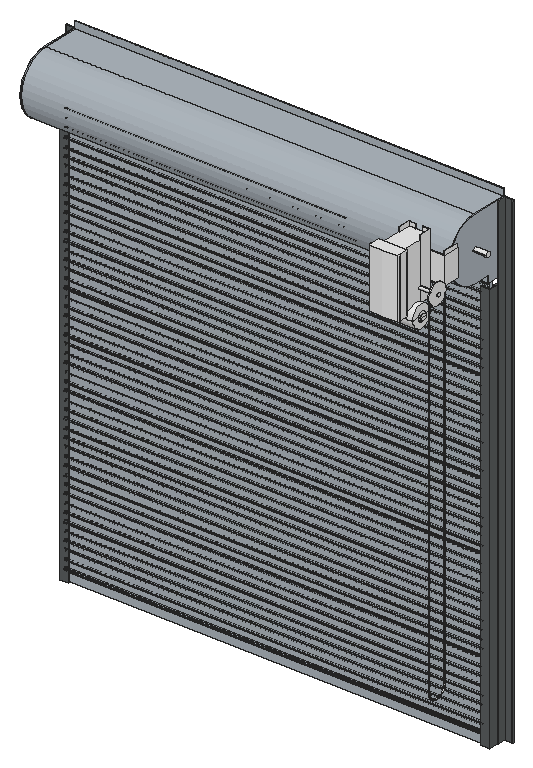
Revit family "Doors_Industrial_Wayne-Dalton_Insulated-Rolling-Service-Doors-Model-800C_", category Specialty Equipment, host Wall, Revit 2019 (continued)
Definition of nested family "800C"
  Automatic sketch dimensions
    Extrusion 1 sketch curve to Extrusion 1 sketch curve = 0.01017"  (x3)
    curve 1 to Extrusion 1 sketch curve = 0.88821"
    Extrusion 1 sketch curve to Extrusion 1 sketch curve = 2.0074"  (x3)
    Extrusion 1 sketch curve to Extrusion 1 sketch curve = 0.00603"  (x3)
    Extrusion 1 sketch curve to Extrusion 1 sketch curve = 0.21577"  (x5)
    Extrusion 1 sketch curve to Extrusion 1 sketch curve = 0.04697"  (x4)
    Extrusion 1 sketch curve to Extrusion 1 sketch curve = 1.75626"
    Extrusion 1 sketch curve to Extrusion 1 sketch curve = 0.25114"
    Extrusion 1 sketch curve to Extrusion 1 sketch curve = 0.09209"
    Extrusion 1 sketch curve to Extrusion 1 sketch curve = 0.14265"
    Extrusion 1 sketch curve to Extrusion 1 sketch curve = 0.11326"
    Extrusion 1 sketch curve to Extrusion 1 sketch curve = 0.25717"  (x3)
    Extrusion 1 sketch curve to Extrusion 1 sketch curve = 1.95809"  (x2)
    Extrusion 1 sketch curve to Extrusion 1 sketch curve = 0.085"  (x3)
    Extrusion 1 sketch curve to Extrusion 1 sketch curve = 0.02201"
    Extrusion 1 sketch curve to Extrusion 1 sketch curve = 1.93692"
  Nested families (in)
    nested 1: "Perforation" at (0, 0.5, 0.896), visible <- "Fenestration", Perforation <- "Cutout Material", type "Perforation"
      with Thickness 3/4"
    nested 2: "Perforation" at (0, 0.5, 3.656), visible <- "Fenestration", Perforation <- "Cutout Material", type "Perforation"
      with Thickness 3/4"
    nested 3: "Perforation" at (0, 0.5, 6.416), visible <- "Fenestration", Perforation <- "Cutout Material", type "Perforation"
      with Thickness 3/4"
    nested 4: "Perforation" at (0, 0.5, 9.176), visible <- "Fenestration", Perforation <- "Cutout Material", type "Perforation"
      with Thickness 3/4"
    nested 5: "Perforation" at (0, 0.5, 11.936), visible <- "Fenestration", Perforation <- "Cutout Material", type "Perforation"
      with Thickness 3/4"
  Definition of nested family "Perforation"
    Parameters (values of type "Perforation")
      Thickness = 0.06"
      Perforation [instance] = none
      Opening Width = 123 5/8"
      Offset = 1"
      Height = 3/4"
      Default Elevation = 48"
    Reference planes (in)
      plane 1 "Center (Front/Back)": y = 0
      plane 2: z = 0
      plane 3 "Center (Left/Right)": x = 0
      plane 4: z = 0.375
      plane 5: z = -0.375
      plane 6: y = -0.03
      plane 7: y = 0.03
      plane 8: x = -61.8125
      plane 9: x = 61.8125
      plane 10: x = -60.8125
      plane 11: x = 60.8125
    Forms (in)
      Extrusion 1, solid, material <- "Perforation"
        sketch origin (0, -0.19, 0) x (0, 1, 0) y (0, 0, 1)
          loop
            line (0.16, 0.375) -> (0.16, -0.375) -> (0.22, -0.375) -> (0.22, 0.375) -> (0.16, 0.375)
        from -60.8125 to 60.8125
    Dimensions and locks (in)
      equal spacing: plane 4, level, plane 5
      "Height": plane 4 to plane 5
      equal spacing: plane 6, plane 1 "Center (Front/Back)", plane 7
      "Thickness": plane 6 to plane 7
      "Opening Width": plane 8 to plane 9
      "Offset": plane 8 to plane 10
      "Offset": plane 9 to plane 11
      equal spacing: plane 8, plane 3 "Center (Left/Right)", plane 9
      aligned and locked: plane 2 to level
      aligned and locked: plane 4 to Extrusion 1
      aligned and locked: Extrusion 1 to plane 5
      aligned and locked: plane 6 to Extrusion 1
      aligned and locked: plane 7 to Extrusion 1
      aligned and locked: Extrusion 1 to plane 10
      aligned and locked: plane 11 to Extrusion 1
    Automatic sketch dimensions
      Extrusion 1 sketch curve to level = 3/8"
      plane 1 "Center (Front/Back)" to Extrusion 1 sketch curve = 0.03"
      Extrusion 1 sketch curve to plane 1 "Center (Front/Back)" = 0.03"
      plane 4 to Extrusion 1 sketch curve = 0"
Definition of nested family "Lifts"
  Parameters (values of type "Frame Unit")
    True Width = if(Between Jambs, Opening Width, Opening Width + 1/2")  # 120 1/2"
    Slat Option = 1
    Side Clearance R = 8"
    Side Clearance L = 6"
    Round Hood [instance] = 1 = 1  # yes
    Rough Width = 0"
    Rough Height = 0"
    No Hood [instance] = no
    M Value = 3 1/4"
    Hood Offset = 2"
    Hood Height = Headroom Height Real - Hood Offset  # 22"
    Headroom Height Real = Headroom Height  # 24"
    Half Hood Height = Headroom Height - Hood Offset  # 22"
    Guide Z Wide R = if(Between Jambs, (Guide Offset R - G Value) / 3 * 2, G Value - 1/4")  # 2 1/2"
    Guide Z Wide L = if(Between Jambs, (Guide Offset L - G Value) / 3 * 2, G Value - 1/4")  # 2 1/2"
    Guide Offset R = BJ Displacement R + G Value  # 2 3/4"
    Guide Offset L = BJ Displacement L + G Value  # 2 3/4"
    G Value = 2 3/4"
    E Guide Width R = if(Between Jambs, (Guide Offset R - G Value) / 3 * 2, 3")  # 3"
    E Guide Width L = if(Between Jambs, (Guide Offset L - G Value) / 3 * 2, 3")  # 3"
    E Guide Height = 3"  # constant formula
    Z Guide = 1 = 1  # yes
    Slat Material = none
    Shaft Offset = (Hood Height - 2") / 2  # 10"
    Shaft Material = none
    Shaft Length 2 = G Value + 4"  # 6 3/4"
    Shaft Length 1 = G Value + 4"  # 6 3/4"
    Setback = if(Between Jambs, 0", 1/4")  # 1/4"
    Radius Hood = Shaft Offset  # 10"
    Opening Width = 120"
    Hood Material = none
    Headroom Height = 24"
    Header Width = 22"
    Opening Height = 120"
    Guide Type = if(Between Jambs, "Angled Between Jambs Z Guide", if(Guide Option > 1, "Angled Z Guide", "Angled E Guide"))  # "Angled Z Guide"
    Guide Option = if(Between Jambs, 1, 2)  # 2
    Guide Z Height = 2 3/4"  # constant formula
    Floor To (CL) of Shaft = 134"
    Finish Material = none
    Face to Wall Mount = not(Between Jambs)  # yes
    E Guide = if(Between Jambs, 1 = 1, 1 = 2)  # no
    D Value = 5 1/2"
    Between Jambs = no
    BJ Position = if(Between Jambs, 1/4", 0")  # 0"
    BJ Displacement R = if(Face to Wall Mount, 0", Side Clearance R - G Value)  # 0"
    BJ Displacement L = if(Face to Wall Mount, 0", Side Clearance L - G Value)  # 0"
    Angled Guide = 1 = 1  # yes
  Reference planes (in)
    plane 1 "Center (Front/Back)": y = 0
    plane 2: z = 0
    plane 3 "Center (Left/Right)": x = 0
    plane 4 "Opening Height": z = 120
    plane 5: x = -66.75
    plane 6: x = 66.75
    plane 7: z = 144
    plane 8: y = 22
    plane 9 "Real Opening 2": x = -60
    plane 10 "Real Opening 1": x = 60
    plane 11: z = 122
    plane 12 "Main": y = 0
    plane 13: z = 134
    plane 14: y = 12
    plane 15: x = 62.75
    plane 16: x = -62.75
    plane 17: x = -62.75
    plane 18: x = 62.75
    plane 19: y = 5.5
    plane 20: x = -62.5
    plane 21: x = 62.5
    plane 22: z = 146
    plane 23: y = 5.5
    plane 24: y = 4.375
    plane 25: y = 5.5
    plane 26: y = 4.375
  Forms (in)
    Extrusion 1, solid, material <- "Slat Material"
      sketch origin (0, 0, 0) x (0, 1, 0) y (0, 0, 1)
        loop
          line (4.75, 2.375) -> (4.75, 2.75) -> (4, 2.75) -> (4, 2.375) -> (4.75, 2.375)
      from -62.5 to 62.5
    Extrusion 2, solid, material <- "Slat Material"
      sketch origin (0, 0, 0) x (0, 1, 0) y (0, 0, 1)
        loop
          line (4.75, 2.375) -> (4, 2.375) -> (4, 0) -> (4.75, 0) -> (4.75, 2.375)
      from -62.5 to 62.5
    Extrusion 3, solid, material <- "Shaft Material"
      sketch origin (0, -5.35201, 0) x (0, 1, 0) y (0, 0, 1)
        loop
          circle (17.35201, 134) r 0.6
      from -66.75 to 66.75
    Extrusion 4, solid, material <- "Hood Material"
      sketch origin (0, 0, 0) x (0, 1, 0) y (0, 0, 1)
        loop
          line (0, 144) -> (0, 122) -> (6, 122) -> (6, 124) -> (12, 124)
          arc (12, 124) -> (22, 134) -> (12, 144) r 10
          line (12, 144) -> (0, 144)
      from -62.75 to 62.75
    Extrusion 5, solid, material <- "Finish Material", visible <- "E Guide"
      sketch origin (0, 0, 0) x (1, 0, 0) y (0, 1, 0)
        loop
          line (59.75, 0) -> (62.75, 0) -> (62.75, 3) -> (62.6875, 3)
          arc (62.6875, 3) -> (62.55492, 2.94508) -> (62.5, 2.8125) r 0.1875
          line (62.5, 2.8125) -> (62.5, 0.25) -> (59.9375, 0.25)
          arc (59.9375, 0.25) -> (59.80492, 0.19508) -> (59.75, 0.0625) r 0.1875
          line (59.75, 0.0625) -> (59.75, 0)
        loop
          line (-59.75, 0) -> (-59.75, 0.0625)
          arc (-59.75, 0.0625) -> (-59.80492, 0.19508) -> (-59.9375, 0.25) r 0.1875
          line (-59.9375, 0.25) -> (-62.5, 0.25) -> (-62.5, 2.8125)
          arc (-62.5, 2.8125) -> (-62.55492, 2.94508) -> (-62.6875, 3) r 0.1875
          line (-62.6875, 3) -> (-62.75, 3) -> (-62.75, 0) -> (-59.75, 0)
      from 0 to 144
    Extrusion 6, solid, material <- "Finish Material", visible <- "Z Guide"
      sketch origin (0, 0, 0) x (1, 0, 0) y (0, 1, 0)
        loop
          line (65.25, 0) -> (65.25, 0.062)
          arc (65.25, 0.062) -> (65.19494, 0.19494) -> (65.062, 0.25) r 0.188
          line (65.062, 0.25) -> (63, 0.25) -> (63, 2.562)
          arc (63, 2.562) -> (62.94494, 2.69494) -> (62.812, 2.75) r 0.188
          line (62.812, 2.75) -> (62.75, 2.75) -> (62.75, 0) -> (65.25, 0)
        loop
          line (-65.25, 0) -> (-62.75, 0) -> (-62.75, 2.75) -> (-62.812, 2.75)
          arc (-62.812, 2.75) -> (-62.94494, 2.69494) -> (-63, 2.562) r 0.188
          line (-63, 2.562) -> (-63, 0.25) -> (-65.062, 0.25)
          arc (-65.062, 0.25) -> (-65.19494, 0.19494) -> (-65.25, 0.062) r 0.188
          line (-65.25, 0.062) -> (-65.25, 0)
      from 0 to 144
    Extrusion 7, solid, material <- "Finish Material", visible <- "Angled Guide"
      sketch origin (0, 0, 0) x (1, 0, 0) y (0, 1, 0)
        loop
          line (60.25, 5.5) -> (60.25, 5.437)
          arc (60.25, 5.437) -> (60.30477, 5.30477) -> (60.437, 5.25) r 0.187
          line (60.437, 5.25) -> (62.5, 5.25) -> (62.5, 3.5) -> (60.25, 3.5) -> (60.25, 3.437)
          arc (60.25, 3.437) -> (60.30477, 3.30477) -> (60.437, 3.25) r 0.187
          line (60.437, 3.25) -> (62.25, 3.25) -> (62.25, 1.25) -> (62.75, 1.25) -> (62.75, 5.5) -> (60.25, 5.5)
        loop
          line (-60.25, 5.5) -> (-62.75, 5.5) -> (-62.75, 1.25) -> (-62.25, 1.25) -> (-62.25, 3.25) -> (-60.437, 3.25)
          arc (-60.437, 3.25) -> (-60.30477, 3.30477) -> (-60.25, 3.437) r 0.187
          line (-60.25, 3.437) -> (-60.25, 3.5) -> (-62.5, 3.5) -> (-62.5, 5.25) -> (-60.437, 5.25)
          arc (-60.437, 5.25) -> (-60.30477, 5.30477) -> (-60.25, 5.437) r 0.187
          line (-60.25, 5.437) -> (-60.25, 5.5)
      from 0 to 120
    Extrusion 8, solid, material <- "Hood Material"
      sketch origin (0, 35, 0) x (0, 1, 0) y (0, 0, 1)
        loop
          line (-35, 144) -> (-35, 122) -> (-29, 122) -> (-29, 124) -> (-23, 124)
          arc (-23, 124) -> (-13, 134) -> (-23, 144) r 10
          line (-23, 144) -> (-35, 144)
      from -62.5 to 62.5
    Extrusion 9, void
      sketch origin (0, 0, 0) x (0, 1, 0) y (0, 0, 1)
        loop
          line (0, 144) -> (0, 122) -> (22, 122) -> (22, 144) -> (0, 144)
      from -62.5 to 62.5
  Cuts and joins
    Extrusion 9 cuts Extrusion 4
  Lines and regions (in)
    Masking region 1
      outline origin (0, 0, 0) x (1, 0, 0) y (0, 1, 0)
        loop
          line (66.75, 12.6) -> (62.75, 12.6) -> (62.75, 11.4) -> (66.75, 11.4) -> (66.75, 12.6)
        loop
          line (-66.75, 11.4) -> (-62.75, 11.4) -> (-62.75, 12.6) -> (-66.75, 12.6) -> (-66.75, 11.4)
    Masking region 2
      outline origin (0, 0, 0) x (1, 0, 0) y (0, 1, 0)
        loop
          line (-62.75, 22) -> (-62.75, 0) -> (62.75, 0) -> (62.75, 22) -> (-62.75, 22)
    Masking region 3, visible <- "E Guide"
      outline origin (0, 0, 0) x (1, 0, 0) y (0, 1, 0)
        loop
          line (-62.75, 3) -> (-62.75, 0) -> (-59.75, 0) -> (-59.75, 0.0625)
          arc (-59.75, 0.0625) -> (-59.80492, 0.19508) -> (-59.9375, 0.25) r 0.1875
          line (-59.9375, 0.25) -> (-62.5, 0.25) -> (-62.5, 2.8125)
          arc (-62.5, 2.8125) -> (-62.55492, 2.94508) -> (-62.6875, 3) r 0.1875
          line (-62.6875, 3) -> (-62.75, 3)
        loop
          line (62.75, 0) -> (62.75, 3) -> (62.6875, 3)
          arc (62.6875, 3) -> (62.55492, 2.94508) -> (62.5, 2.8125) r 0.1875
          line (62.5, 2.8125) -> (62.5, 0.25) -> (59.9375, 0.25)
          arc (59.9375, 0.25) -> (59.80492, 0.19508) -> (59.75, 0.0625) r 0.1875
          line (59.75, 0.0625) -> (59.75, 0) -> (62.75, 0)
    Masking region 4
      outline origin (0, 0, 0) x (1, 0, 0) y (0, 1, 0)
        loop
          line (-63, 0.25) -> (-65.062, 0.25)
          arc (-65.062, 0.25) -> (-65.19494, 0.19494) -> (-65.25, 0.062) r 0.188
          line (-65.25, 0.062) -> (-65.25, 0) -> (-62.75, 0) -> (-62.75, 2.75) -> (-62.812, 2.75)
          arc (-62.812, 2.75) -> (-62.94494, 2.69494) -> (-63, 2.562) r 0.188
          line (-63, 2.562) -> (-63, 0.25)
        loop
          line (62.75, 2.75) -> (62.75, 0) -> (65.25, 0) -> (65.25, 0.062)
          arc (65.25, 0.062) -> (65.19494, 0.19494) -> (65.062, 0.25) r 0.188
          line (65.062, 0.25) -> (63, 0.25) -> (63, 2.562)
          arc (63, 2.562) -> (62.94494, 2.69494) -> (62.812, 2.75) r 0.188
          line (62.812, 2.75) -> (62.75, 2.75)
    symbolic lines
      curve 1: line (-62.5, 0, 0) -> (-62.5, 22, 0)
      curve 2: line (62.5, 22, 0) -> (62.5, 0, 0)
  Dimensions and locks (in)
    Extrusion 1 sketch curve to level = 2 3/8"
    Extrusion 1 sketch curve to Extrusion 1 sketch curve = 3/4"
    locked: Extrusion 2 sketch curve to level at 2.375
    "Headroom Height Real": plane 7 to plane 4 "Opening Height"
    plane 8 to plane 1 "Center (Front/Back)" = 22"
    "Opening Height": plane 4 "Opening Height" to level
    "Hood Offset": plane 11 to plane 4 "Opening Height"
    "BJ Position": plane 12 "Main" to plane 1 "Center (Front/Back)"
    "Header Width": plane 12 "Main" to plane 8
    "Floor To (CL) of Shaft": plane 13 to level
    "Shaft Offset": Extrusion 3 sketch curve to plane 8
    locked: Extrusion 2 sketch curve to Extrusion 2 sketch curve at 0.75
    "Shaft Offset": plane 8 to plane 14
    locked: Masking region 1 sketch curve to Masking region 1 sketch curve at 1.2
    locked: Masking region 1 sketch curve to plane 14 at 0.6
    "Guide Offset L": plane 10 "Real Opening 1" to plane 15
    "Guide Offset R": plane 16 to plane 9 "Real Opening 2"
    locked: Extrusion 5 sketch curve to Extrusion 5 sketch curve at 0.25  (x4)
    "E Guide Height": Extrusion 5 sketch curve to Extrusion 5 sketch curve  (x2)
    "E Guide Width L": Extrusion 5 sketch curve to Extrusion 5 sketch curve
    "E Guide Width R": Extrusion 5 sketch curve to Extrusion 5 sketch curve
    locked: Extrusion 6 sketch curve to Extrusion 6 sketch curve at 0.25  (x4)
    "Guide Z Wide L": Extrusion 6 sketch curve to Extrusion 6 sketch curve
    "Guide Z Height": Extrusion 6 sketch curve to Extrusion 6 sketch curve  (x2)
    "Guide Z Wide R": Extrusion 6 sketch curve to Extrusion 6 sketch curve
    locked: Extrusion 7 sketch curve to Extrusion 7 sketch curve at 0.25  (x6)
    locked: Extrusion 7 sketch curve to Extrusion 7 sketch curve at 2.25  (x2)
    locked: Extrusion 7 sketch curve to Extrusion 7 sketch curve at 4.25  (x2)
    "Setback": plane 10 "Real Opening 1" to Extrusion 7 sketch curve
    "Setback": Extrusion 7 sketch curve to plane 9 "Real Opening 2"
    "G Value": Extrusion 6 sketch curve to plane 9 "Real Opening 2"
    "G Value": plane 10 "Real Opening 1" to Extrusion 6 sketch curve
    "G Value": plane 10 "Real Opening 1" to plane 18
    "G Value": plane 17 to plane 9 "Real Opening 2"
    "Shaft Length 1": plane 5 to plane 9 "Real Opening 2"
    "Shaft Length 2": plane 6 to plane 10 "Real Opening 1"
    locked: Extrusion 2 to plane 18 at 0.25
    locked: Extrusion 2 to plane 17 at 0.25
    locked: plane 17 to plane 20 at 0.25
    locked: plane 21 to plane 18 at 0.25
    equal spacing: plane 9 "Real Opening 2", plane 3 "Center (Left/Right)", plane 10 "Real Opening 1"
    "Opening Width": plane 9 "Real Opening 2" to plane 10 "Real Opening 1"
    locked: plane 22 to plane 7 at 2
    "D Value": plane 1 "Center (Front/Back)" to plane 19
    "D Value": plane 23 to plane 1 "Center (Front/Back)"
    locked: plane 23 to plane 24 at 1.125
    equal spacing: Extrusion 1 sketch curve, plane 24, Extrusion 1 sketch curve
    "D Value": plane 25 to plane 1 "Center (Front/Back)"
    locked: plane 25 to plane 26 at 1.125
    equal spacing: Extrusion 2 sketch curve, plane 26, Extrusion 2 sketch curve
    "G Value": plane 10 "Real Opening 1" to Extrusion 7 sketch curve
    "G Value": Extrusion 7 sketch curve to plane 9 "Real Opening 2"
    locked: Extrusion 4 sketch curve to Extrusion 4 sketch curve at 6
    "Shaft Offset": Extrusion 4 sketch curve to plane 8
    locked: Extrusion 4 sketch curve to plane 11 at 2
    Extrusion 6 to plane 8 = 22"
    locked: Extrusion 8 sketch curve to Extrusion 8 sketch curve at 6
    "Shaft Offset": Extrusion 8 sketch curve to plane 8
    locked: Extrusion 8 sketch curve to plane 11 at 2
    radius of Extrusion 5 sketch curve = 3/16"  (x4)
    radius of Extrusion 6 sketch curve = 0.188"  (x4)
    locked: Extrusion 7 sketch curve to Extrusion 7 sketch curve (radius 0.187")  (x4)
    aligned and locked: plane 2 to level
    aligned and locked: plane 5 to Extrusion 3
    aligned and locked: Extrusion 3 to plane 6
    aligned and locked: Extrusion 4 sketch curve to plane 7
    aligned and locked: plane 13 to Extrusion 3 sketch curve
    aligned and locked: plane 5 to Masking region 1 sketch curve
    aligned and locked: plane 6 to Masking region 1 sketch curve
    aligned and locked: Masking region 1 sketch curve to Masking region 1 sketch curve  (x2)
    aligned and locked: plane 12 "Main" to Extrusion 5 sketch curve  (x2)
    aligned and locked: Extrusion 5 sketch curve to plane 15
    aligned and locked: plane 16 to Extrusion 5 sketch curve
    aligned and locked: Extrusion 6 sketch curve to plane 1 "Center (Front/Back)"  (x2)
    aligned and locked: plane 19 to Extrusion 7 sketch curve
    aligned and locked: Extrusion 7 sketch curve to Extrusion 7 sketch curve  (x2)
    aligned and locked: Extrusion 7 sketch curve to plane 19
    aligned and locked: plane 4 "Opening Height" to Extrusion 7
    aligned and locked: Extrusion 4 sketch curve to plane 12 "Main"
    aligned and locked: Masking region 2 to curve 2  (x2)
    aligned and locked: Masking region 2 to curve 1  (x2)
    aligned and locked: Masking region 3 sketch curve to Extrusion 5  (x10)
    aligned and locked: Extrusion 2 to Extrusion 1
    aligned and locked: Extrusion 1 to Extrusion 2
    aligned and locked: Masking region 2 to plane 17
    aligned and locked: Masking region 2 to plane 18
    aligned and locked: plane 18 to Masking region 1 sketch curve
    aligned and locked: Masking region 1 sketch curve to plane 17
    aligned and locked: plane 7 to Extrusion 5
    aligned and locked: Extrusion 4 sketch curve to plane 11
    aligned and locked: Extrusion 4 to plane 17
    aligned and locked: Extrusion 4 to plane 18
    aligned and locked: Extrusion 8 sketch curve to plane 7
    aligned and locked: Extrusion 8 sketch curve to plane 12 "Main"
    aligned and locked: Extrusion 8 sketch curve to plane 11
    aligned and locked: Extrusion 8 to plane 20
    aligned and locked: Extrusion 8 to plane 21
    aligned and locked: Extrusion 9 sketch curve to plane 12 "Main"
    aligned and locked: Extrusion 9 sketch curve to plane 11
    aligned and locked: Extrusion 9 sketch curve to plane 8
    aligned and locked: Extrusion 9 sketch curve to plane 7
    aligned and locked: Extrusion 9 to plane 20
    aligned and locked: Extrusion 9 to plane 21
    aligned and locked: Masking region 4 sketch curve to Extrusion 6  (x12)
    aligned and locked: plane 7 to Extrusion 6
  Automatic sketch dimensions
    curve 1 to plane 20 = 0"
    curve 2 to plane 21 = 0"
    Masking region 2 sketch curve to plane 1 "Center (Front/Back)" = 0"
    Masking region 2 sketch curve to plane 17 = 0"
    Masking region 2 sketch curve to plane 18 = 0"
    Masking region 2 sketch curve to plane 8 = 0"
    Extrusion 1 sketch curve to Extrusion 1 sketch curve = 3/8"
    Extrusion 2 sketch curve to level = 0"
    Extrusion 7 sketch curve to plane 20 = 1/4"
    plane 21 to Extrusion 7 sketch curve = 1/4"
    radius of Extrusion 3 sketch curve = 0.6"
Definition of nested family "Label Annotation 1"
  Parameters (values of type "Label Annotation 1-8")
    Label = "Area is too big. Please reduce Door Size."
  Reference planes (in)
    plane 1: y = 0
    plane 2: x = 0
  Text (in)
    label "Label" at (0.00375, -0.00345, 0), shows "Label"
Definition of nested family "Warning Sign"
  Parameters (values of type "Warning Sign")
    Warning Sign [instance] = no
    Default Elevation = 48"
  Reference planes (in)
    plane 1 "Center (Front/Back)": y = 0
    plane 2: z = 0
    plane 3 "Center (Left/Right)": x = 0
    plane 4: y = 0.5
    plane 5: y = -0.5
    plane 6: y = 1
    plane 7: y = 0.25
  Lines and regions (in)
    model lines
      curve 1: line (-2.26129, 1, 45.69444) -> (-26.3817, 1, 3.91667)
      curve 2: line (-25.25106, 1, 3.26389) -> (-1.13064, 1, 45.04167)
      curve 3: arc (2.26129, 1, 45.69444) -> (0, 1, 47) -> (-2.26129, 1, 45.69444) r 2.61111
      curve 4: arc (-1.13064, 1, 45.04167) -> (0, 1, 45.69444) -> (1.13064, 1, 45.04167) r 1.30556
      curve 5: line (1.13064, 1, 45.04167) -> (25.25106, 1, 3.26389)
      curve 6: line (26.3817, 1, 3.91667) -> (2.26129, 1, 45.69444)
      curve 7: arc (25.25106, 1, 3.26389) -> (25.25106, 1, 1.95833) -> (24.12041, 1, 1.30556) r 1.30556
      curve 8: arc (24.12041, 1, 0) -> (26.3817, 1, 1.30556) -> (26.3817, 1, 3.91667) r 2.61111
      curve 9: line (24.12041, 1, 1.30556) -> (-24.12041, 1, 1.30556)
      curve 10: line (-24.12041, 1, 0) -> (24.12041, 1, 0)
      curve 11: arc (-24.12041, 1, 1.30556) -> (-25.25106, 1, 1.95833) -> (-25.25106, 1, 3.26389) r 1.30556
      curve 12: arc (-26.3817, 1, 3.91667) -> (-26.3817, 1, 1.30556) -> (-24.12041, 1, 0) r 2.61111
      curve 13: arc (-2.29479, 1, 8.63537) -> (0, 1, 6.34057) -> (2.29479, 1, 8.63537) r 2.29479
      curve 14: arc (2.29479, 1, 8.63537) -> (0, 1, 10.93016) -> (-2.29479, 1, 8.63537) r 2.29479
      curve 15: arc (-1.6331, 1, 13.97069) -> (0.03439, 1, 12.53727) -> (1.69278, 1, 13.98121) r 1.68043
      curve 16: line (-3.77413, 1, 28.37873) -> (-1.6331, 1, 13.97069)
      curve 17: line (1.69278, 1, 13.98121) -> (3.73924, 1, 28.37873)
      curve 18: arc (3.73924, 1, 28.37873) -> (-0.01745, 1, 32.13541) -> (-3.77413, 1, 28.37873) r 3.75668
      curve 19: line (-2.26129, -0.5, 45.69444) -> (-26.3817, -0.5, 3.91667)
      curve 20: line (-25.25106, -0.5, 3.26389) -> (-1.13064, -0.5, 45.04167)
      curve 21: arc (2.26129, -0.5, 45.69444) -> (0, -0.5, 47) -> (-2.26129, -0.5, 45.69444) r 2.61111
      curve 22: arc (-1.13064, -0.5, 45.04167) -> (0, -0.5, 45.69444) -> (1.13064, -0.5, 45.04167) r 1.30556
      curve 23: line (1.13064, -0.5, 45.04167) -> (25.25106, -0.5, 3.26389)
      curve 24: line (26.3817, -0.5, 3.91667) -> (2.26129, -0.5, 45.69444)
      curve 25: arc (25.25106, -0.5, 3.26389) -> (25.25106, -0.5, 1.95833) -> (24.12041, -0.5, 1.30556) r 1.30556
      curve 26: arc (24.12041, -0.5, 0) -> (26.3817, -0.5, 1.30556) -> (26.3817, -0.5, 3.91667) r 2.61111
      curve 27: line (24.12041, -0.5, 1.30556) -> (-24.12041, -0.5, 1.30556)
      curve 28: line (-24.12041, -0.5, 0) -> (24.12041, -0.5, 0)
      curve 29: arc (-24.12041, -0.5, 1.30556) -> (-25.25106, -0.5, 1.95833) -> (-25.25106, -0.5, 3.26389) r 1.30556
      curve 30: arc (-26.3817, -0.5, 3.91667) -> (-26.3817, -0.5, 1.30556) -> (-24.12041, -0.5, 0) r 2.61111
      curve 31: arc (-2.29479, -0.5, 8.63537) -> (0, -0.5, 6.34057) -> (2.29479, -0.5, 8.63537) r 2.29479
      curve 32: arc (2.29479, -0.5, 8.63537) -> (0, -0.5, 10.93016) -> (-2.29479, -0.5, 8.63537) r 2.29479
      curve 33: arc (-1.6331, -0.5, 13.97069) -> (0.03439, -0.5, 12.53727) -> (1.69278, -0.5, 13.98121) r 1.68043
      curve 34: line (-3.77413, -0.5, 28.37873) -> (-1.6331, -0.5, 13.97069)
      curve 35: line (1.69278, -0.5, 13.98121) -> (3.73924, -0.5, 28.37873)
      curve 36: arc (3.73924, -0.5, 28.37873) -> (-0.01745, -0.5, 32.13541) -> (-3.77413, -0.5, 28.37873) r 3.75668
  Dimensions and locks (in)
    locked: plane 1 "Center (Front/Back)" to plane 4 at 0.5
    equal spacing: plane 1 "Center (Front/Back)", plane 7, plane 4
    locked: plane 4 to plane 6 at 0.5
    locked: plane 5 to plane 1 "Center (Front/Back)" at 0.5
    aligned and locked: plane 2 to level
  Automatic sketch dimensions
    curve 21 to curve 22 = 0"  (x2)
    curve 25 to curve 26 = 0"  (x2)
    curve 29 to curve 30 = 0"  (x2)
    curve 31 to curve 32 = 0"  (x2)
    curve 21 to plane 3 "Center (Left/Right)" = 0"
    curve 31 to plane 3 "Center (Left/Right)" = 0"
    curve 30 to level = 0"
    level to curve 27 = 1.30556"
    curve 26 to curve 27 = 1.30556"
    curve 29 to curve 27 = 1.30556"
    curve 23 to curve 25 = 0.65278"
    curve 20 to curve 29 = 0.65278"
    curve 24 to curve 23 = 0.65278"
    curve 19 to curve 20 = 0.65278"
    level to curve 32 = 8.63537"
    curve 34 to plane 3 "Center (Left/Right)" = 1.6331"
    curve 34 to curve 31 = 5.33532"
    plane 3 "Center (Left/Right)" to curve 35 = 1.69278"
    curve 35 to curve 34 = 0.01052"
    plane 3 "Center (Left/Right)" to curve 33 = 0.02908"
    curve 36 to plane 3 "Center (Left/Right)" = 0.01745"
    curve 36 to curve 33 = 14.16104"
    curve 22 to curve 36 = 16.01016"
    plane 3 "Center (Left/Right)" to curve 23 = 1.13064"
    curve 23 to curve 21 = 0.65278"
    curve 20 to plane 3 "Center (Left/Right)" = 1.13064"
    plane 3 "Center (Left/Right)" to curve 24 = 2.26129"
    curve 24 to curve 22 = 0.65278"
    curve 19 to plane 3 "Center (Left/Right)" = 2.26129"
    curve 34 to curve 36 = 3.75668"
    curve 30 to plane 3 "Center (Left/Right)" = 24.12041"
    plane 3 "Center (Left/Right)" to curve 25 = 24.12041"
    curve 31 to curve 31 = 2.29479"
    curve 3 to curve 4 = 0"  (x2)
    curve 7 to curve 8 = 0"  (x2)
    curve 11 to curve 12 = 0"  (x2)
    curve 13 to curve 14 = 0"  (x2)
    curve 3 to plane 3 "Center (Left/Right)" = 0"
    curve 13 to plane 3 "Center (Left/Right)" = 0"
    curve 12 to level = 0"
    level to curve 9 = 1.30556"
    curve 8 to curve 9 = 1.30556"
    curve 11 to curve 9 = 1.30556"
    curve 5 to curve 7 = 0.65278"
    curve 2 to curve 11 = 0.65278"
    curve 6 to curve 5 = 0.65278"
    curve 1 to curve 2 = 0.65278"
    level to curve 14 = 8.63537"
    curve 16 to plane 3 "Center (Left/Right)" = 1.6331"
    curve 16 to curve 13 = 5.33532"
    plane 3 "Center (Left/Right)" to curve 17 = 1.69278"
    curve 17 to curve 16 = 0.01052"
    plane 3 "Center (Left/Right)" to curve 15 = 0.02908"
    curve 18 to plane 3 "Center (Left/Right)" = 0.01745"
    curve 18 to curve 15 = 14.16104"
    curve 4 to curve 18 = 16.01016"
    plane 3 "Center (Left/Right)" to curve 5 = 1.13064"
    curve 5 to curve 3 = 0.65278"
    curve 2 to plane 3 "Center (Left/Right)" = 1.13064"
    plane 3 "Center (Left/Right)" to curve 6 = 2.26129"
    curve 6 to curve 4 = 0.65278"
    curve 1 to plane 3 "Center (Left/Right)" = 2.26129"
    curve 16 to curve 18 = 3.75668"
    curve 12 to plane 3 "Center (Left/Right)" = 24.12041"
    plane 3 "Center (Left/Right)" to curve 7 = 24.12041"
    curve 13 to curve 13 = 2.29479"
Types (6): name | Voltage | Operator Visibility | Number of Poles | Chain Hoist or Manual | Connector Array | Apparent Load Phase 3 | Apparent Load Phase 2 | Apparent Load Phase 1
  115 volts, one phase, 60 Hz (110-120V range) | 115 V | yes | 1 | no | 3 | 0 VA | 0 VA | 2300 VA
  Chain Hoist | 115 V | yes | 1 | yes | 2 | 0 VA | 0 VA | 2300 VA
  Manual push-up | 115 V | no | 1 | yes | 2 | 0 VA | 0 VA | 2300 VA
  230 volts, three phase, 60 Hz (208-245V range) | 230 V | yes | 3 | no | 3 | 2655.81 VA | 2655.81 VA | 2655.81 VA
  230 volts, single phase, 60 Hz (208-245V range) | 230 V | yes | 1 | no | 3 | 0 VA | 0 VA | 4600 VA
  460 volts, three phase, 60 Hz (456-495V range) | 460 V | yes | 3 | no | 3 | 5311.62 VA | 5311.62 VA | 5311.62 VA
